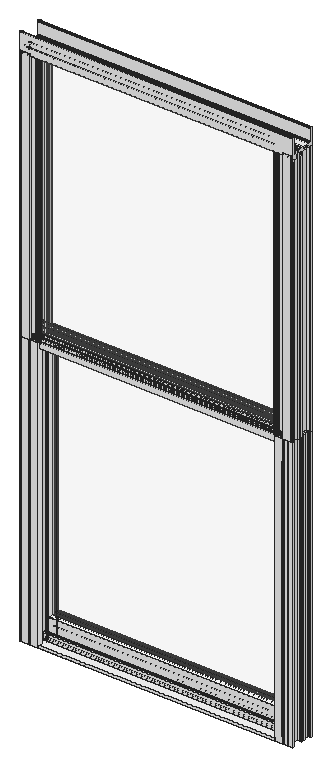
Revit family "Window_H650_Single-Hung-12-lb_Quaker", category Windows, host Wall, Revit 2026 (continued)
Definition of nested family "H650 Single Hung 12 lb-Window"
  Forms (in)
    Sweep 5, solid, material <- "Mullion"
      profile origin (0.00008, 0, 0) x (0, 0, 1) y (0, -1, 0)
        loop
          arc (2.16159, -1.63278) -> (2.12656, -1.59017) -> (2.08396, -1.62521) r 0.039
          arc (2.08396, -1.62521) -> (1.96139, -1.66913) -> (2.00531, -1.54656) r 0.072
          arc (2.00531, -1.54656) -> (2.04034, -1.50396) -> (1.99774, -1.46892) r 0.039
          arc (1.99774, -1.46892) -> (1.9012, -1.51743) -> (1.8623, -1.61822) r 0.15
          line (1.8623, -1.61822) -> (1.8623, -1.7462)
          arc (1.8623, -1.7462) -> (1.84472, -1.78862) -> (1.8023, -1.8062) r 0.06
          line (1.8023, -1.8062) -> (1.7063, -1.8062)
          arc (1.7063, -1.8062) -> (1.66387, -1.78862) -> (1.6463, -1.7462) r 0.06
          line (1.6463, -1.7462) -> (1.6463, -1.39615)
          arc (1.6463, -1.39615) -> (1.65508, -1.37494) -> (1.6763, -1.36615) r 0.03
          line (1.6763, -1.36615) -> (1.8163, -1.36615)
          arc (1.8163, -1.36615) -> (1.86307, -1.34373) -> (1.87489, -1.29322) r 0.06
          line (1.87489, -1.29322) -> (1.56337, -1.29322) -> (1.56337, -1.94323) -> (3.23195, -1.94323)
          arc (3.23195, -1.94323) -> (3.34003, -2.00543) -> (3.34054, -2.13013) r 0.125
          arc (3.34054, -2.13013) -> (3.32961, -2.15528) -> (3.32433, -2.18218) r 0.127
          line (3.32433, -2.18218) -> (3.37464, -2.18218)
          arc (3.37464, -2.18218) -> (3.50903, -2.14257) -> (3.45087, -2.27003) r 0.077
          line (3.45087, -2.27003) -> (3.45087, -2.32624) -> (3.49287, -2.32624) -> (3.49287, -2.93735) -> (3.1132, -2.93735) -> (3.1132, -3.06235) -> (3.61787, -3.06235) -> (3.61787, -1.90319) -> (3.39987, -1.90319) -> (3.39987, -1.77319) -> (3.61787, -1.77319) -> (3.61787, -1.29322)
        loop
          line (0.78781, -0.33318) -> (0.5, 2.01083) -> (0, 2.01083) -> (0, 1.21558) -> (0.125, 1.21558) -> (0.125, 1.86783) -> (0.062, 1.86783) -> (0.062, 1.94883) -> (0.23252, 1.94883) -> (0.29552, 1.88583) -> (0.4463, 1.88583) -> (0.4463, 1.49148)
          arc (0.4463, 1.49148) -> (0.4722, 1.45618) -> (0.48433, 1.41411) r 0.125
          line (0.48433, 1.41411) -> (0.67568, -0.40648) -> (0.67586, -0.58675) -> (0.75584, -0.58675) -> (0.75584, -0.42318) -> (0.97876, -0.42318) -> (0.99084, -0.49172) -> (0.99084, -0.58675) -> (1.04584, -0.58675) -> (1.04584, -0.4869) -> (1.03461, -0.42318) -> (1.2072, -0.42318) -> (1.21841, -0.48675) -> (1.26841, -0.48675) -> (1.26841, -0.33318) -> (0.78781, -0.33318)
        loop
          line (1.3651, -1.97417) -> (1.26841, -1.18675) -> (1.21841, -1.18675) -> (1.2072, -1.25032) -> (1.03461, -1.25032) -> (1.04584, -1.1866) -> (1.04584, -1.08675) -> (0.99084, -1.08675) -> (0.99084, -1.18179) -> (0.97876, -1.25032) -> (0.75584, -1.25032) -> (0.75584, -1.08675) -> (0.67584, -1.08675) -> (0.67584, -1.34032) -> (1.17975, -1.34032) -> (1.17975, -1.98917) -> (0.29552, -1.98917) -> (0.23252, -2.05217) -> (0.062, -2.05217) -> (0.062, -1.97117) -> (0.125, -1.97117) -> (0.125, -1.90917) -> (0.012, -1.90917) -> (0.012, -2.11417) -> (2.51129, -2.11417) -> (2.59812, -2.05357) -> (2.74488, -2.05154) -> (2.74488, -2.11417) -> (3.13754, -2.11417) -> (3.19606, -2.05564)
          arc (3.19606, -2.05564) -> (3.18948, -2.00017) -> (3.14004, -1.97417) r 0.06
          line (3.14004, -1.97417) -> (3.07713, -1.97417)
          arc (3.07713, -1.97417) -> (3.05713, -1.99417) -> (3.07713, -2.01417) r 0.02
          line (3.07713, -2.01417) -> (3.11645, -2.01417)
          arc (3.11645, -2.01417) -> (3.14145, -2.03917) -> (3.11645, -2.06417) r 0.025
          line (3.11645, -2.06417) -> (2.82589, -2.06417)
          arc (2.82589, -2.06417) -> (2.80089, -2.03917) -> (2.82589, -2.01417) r 0.025
          line (2.82589, -2.01417) -> (2.86349, -2.01417)
          arc (2.86349, -2.01417) -> (2.88349, -1.99417) -> (2.86349, -1.97417) r 0.02
          line (2.86349, -1.97417) -> (1.3651, -1.97417)
        loop
          arc (3.40971, -2.24455) -> (3.50997, -2.1584) -> (3.38526, -2.20223) r 0.06725
          line (3.38526, -2.20223) -> (3.28327, -2.18499) -> (3.07712, -2.26161) -> (2.6853, -2.1954) -> (2.73152, -2.09454)
          arc (2.73152, -2.09454) -> (2.72661, -2.07308) -> (2.70461, -2.07227) r 0.01808
          line (2.70461, -2.07227) -> (2.61304, -2.13737)
          arc (2.61304, -2.13737) -> (2.58101, -2.22149) -> (2.64647, -2.28326) r 0.081
          line (2.64647, -2.28326) -> (3.17362, -2.37234) -> (3.19274, -2.69352)
          arc (3.19274, -2.69352) -> (3.13572, -2.85668) -> (3.29126, -2.78132) r 0.0935
          line (3.29126, -2.78132) -> (3.28363, -2.65324) -> (3.34052, -2.61601)
          arc (3.34052, -2.61601) -> (3.34558, -2.59179) -> (3.32135, -2.58673) r 0.0175
          line (3.32135, -2.58673) -> (3.28123, -2.61298) -> (3.26813, -2.39287) -> (3.31429, -2.41577)
          arc (3.31429, -2.41577) -> (3.33775, -2.40787) -> (3.32984, -2.38442) r 0.0175
          line (3.32984, -2.38442) -> (3.26573, -2.35261) -> (3.26114, -2.27557) -> (3.40049, -2.29912) -> (3.40971, -2.24455)
    Sweep 6, solid, material <- "Mullion"
      path origin (0, 0, 0) x (1, 0, 0) y (0, 0, 1)
        loop
          line (-24, 48) -> (-24, 0)
      profile origin (-24, 0, 24) x (0, -1, 0) y (1, 0, 0)
        loop
          line (-1.48761, 0.4045) -> (-0.80007, 0.4045) -> (-0.80007, 0.10938) -> (-0.62645, 0.10938) -> (-0.62645, 0.18938) -> (-0.72007, 0.18938) -> (-0.72007, 0.4745) -> (-0.59507, 0.4745) -> (-0.59507, 0.5295) -> (-1.9951, 0.5295) -> (-1.99521, 1.75016) -> (-2.1202, 1.75016) -> (-2.1202, 0.00016) -> (-1.9152, 0.00016) -> (-1.9152, 0.12516) -> (-1.9772, 0.12516) -> (-1.9772, 0.06216) -> (-2.0582, 0.06216) -> (-2.0582, 0.23288) -> (-1.99512, 0.29597) -> (-1.99512, 0.4045) -> (-1.84263, 0.4045)
          arc (-1.84263, 0.4045) -> (-1.80444, 0.39147) -> (-1.78217, 0.35783) r 0.0625
          arc (-1.78217, 0.35783) -> (-1.66512, 0.2675) -> (-1.54807, 0.35783) r 0.121
          arc (-1.54807, 0.35783) -> (-1.52579, 0.39147) -> (-1.48761, 0.4045) r 0.0625
        loop
          line (-0.57302, 3.33442) -> (-0.27018, 3.15958) -> (-0.27018, 2.33949) -> (-0.76159, 2.33949) -> (-0.76159, 2.25949) -> (-0.28514, 2.25949) -> (-0.28523, 1.25016) -> (-0.14518, 1.25016) -> (-0.14518, 2.55073) -> (-0.14518, 3.18202) -> (-0.68802, 3.49543) -> (-0.68802, 2.87516) -> (-0.76159, 2.87516) -> (-0.76159, 2.80516) -> (-0.66802, 2.80516) -> (-0.66802, 2.70016) -> (-0.61802, 2.70016) -> (-0.61802, 3.30844)
          arc (-0.61802, 3.30844) -> (-0.60302, 3.33442) -> (-0.57302, 3.33442) r 0.03
        loop
          line (0.4948, 0.95798) -> (0.4948, 1.03798) -> (0.39372, 1.03798) -> (0.39372, 1.2609) -> (0.46226, 1.27298) -> (0.5573, 1.27298) -> (0.5573, 1.32798) -> (0.45745, 1.32798) -> (0.39372, 1.31675) -> (0.39372, 1.48934) -> (0.4573, 1.50055) -> (0.4573, 1.57874) -> (0.11255, 1.57874) -> (0.11255, 1.67673) -> (0.23642, 1.67673) -> (0.23642, 1.73453) -> (-0.09516, 1.73455) -> (-0.09516, 0.5295) -> (-0.22016, 0.5295) -> (-0.22016, 0.4745) -> (-0.09516, 0.4745) -> (-0.09516, 0.18938) -> (-0.18878, 0.18938) -> (-0.18878, 0.10938) -> (0.00484, 0.10938) -> (0.00484, 0.95798) -> (0.4948, 0.95798)
        loop
          line (1.15837, 1.03798) -> (0.99478, 1.03798) -> (0.99478, 0.95798) -> (1.8798, 0.95798) -> (1.8798, 0.29588) -> (1.9428, 0.23288) -> (1.9428, 0.06216) -> (1.8618, 0.06216) -> (1.8618, 0.12516) -> (1.7998, 0.12516) -> (1.7998, 0.00016) -> (2.0048, 0.00016) -> (2.0048, 1.73844) -> (1.88289, 1.73844) -> (1.88289, 1.68454) -> (1.9298, 1.68454) -> (1.9298, 1.57874) -> (1.0948, 1.57874) -> (1.0948, 1.50055) -> (1.15837, 1.48934) -> (1.15837, 1.31675) -> (1.09464, 1.32798) -> (0.9948, 1.32798) -> (0.9948, 1.27298) -> (1.08983, 1.27298) -> (1.15837, 1.2609) -> (1.15837, 1.03798)
        loop
          line (2.00503, 3.18202) -> (1.46219, 3.49543) -> (1.46219, 2.87516) -> (1.39966, 2.87516) -> (1.39966, 2.79697) -> (1.46324, 2.78576) -> (1.46324, 2.61317) -> (1.39951, 2.6244) -> (1.29966, 2.6244) -> (1.29966, 2.5694) -> (1.3947, 2.5694) -> (1.46324, 2.55732) -> (1.46324, 2.13464) -> (1.29966, 2.13464) -> (1.29966, 2.07964) -> (1.46324, 2.07964) -> (1.46324, 1.67374) -> (1.33091, 1.67374) -> (1.33091, 1.60936) -> (1.86107, 1.60936) -> (1.86107, 1.76297) -> (2.00503, 1.76297) -> (2.00503, 3.18202)
        loop
          line (0.69859, 1.67374) -> (0.69859, 2.07964) -> (0.86216, 2.07964) -> (0.86216, 2.13464) -> (0.69859, 2.13464) -> (0.69859, 2.55732) -> (0.76713, 2.5694) -> (0.86216, 2.5694) -> (0.86216, 2.6244) -> (0.76232, 2.6244) -> (0.69859, 2.61317) -> (0.69859, 2.78576) -> (0.76216, 2.79697) -> (0.76216, 2.87516) -> (0.38383, 2.87516) -> (0.38383, 2.65716) -> (0.27383, 2.65716) -> (0.27383, 2.87516) -> (0.21379, 2.87516) -> (0.21379, 2.55074) -> (0.21379, 1.76101) -> (0.25433, 1.76101) -> (0.25433, 1.65374) -> (0.13353, 1.65374) -> (0.13353, 1.60155) -> (0.83091, 1.60155) -> (0.83091, 1.67374) -> (0.69859, 1.67374)
        loop
          line (-1.26159, 2.33949) -> (-1.82018, 2.33949) -> (-1.82018, 2.58716) -> (-1.70514, 2.58716) -> (-1.70514, 2.80516) -> (-1.41803, 2.80516) -> (-1.41803, 2.70016) -> (-1.36803, 2.70016) -> (-1.36803, 2.80516) -> (-1.26159, 2.80516) -> (-1.26159, 2.87516) -> (-1.77514, 2.87516) -> (-1.77514, 2.65716) -> (-1.88514, 2.65716) -> (-1.88514, 2.87516) -> (-1.94518, 2.87516) -> (-1.94518, 2.55073) -> (-1.94518, 1.25016) -> (-1.80523, 1.25016) -> (-1.80514, 2.25949) -> (-1.26159, 2.25949) -> (-1.26159, 2.33949)
        loop
          arc (-1.72291, 3.44472) -> (-1.74912, 3.47093) -> (-1.77533, 3.44472) r 0.02621
          line (-1.77533, 3.44472) -> (-1.77533, 3.24561)
          arc (-1.77533, 3.24561) -> (-1.74912, 3.2194) -> (-1.72291, 3.24561) r 0.02621
          line (-1.72291, 3.24561) -> (-1.72291, 3.44472)
        loop
          arc (-1.80033, 3.24561) -> (-1.74912, 3.1944) -> (-1.69791, 3.24561) r 0.05121
          line (-1.69791, 3.24561) -> (-1.69791, 3.44472)
          arc (-1.69791, 3.44472) -> (-1.74912, 3.49593) -> (-1.80033, 3.44472) r 0.05121
          line (-1.80033, 3.44472) -> (-1.80033, 3.37016) -> (-1.85518, 3.37016) -> (-1.85518, 3.42366)
          arc (-1.85518, 3.42366) -> (-1.87018, 3.43866) -> (-1.88518, 3.42366) r 0.015
          line (-1.88518, 3.42366) -> (-1.88518, 3.26666)
          arc (-1.88518, 3.26666) -> (-1.87018, 3.25166) -> (-1.85518, 3.26666) r 0.015
          line (-1.85518, 3.26666) -> (-1.85518, 3.32016) -> (-1.80033, 3.32016) -> (-1.80033, 3.24561)
        loop
          arc (0.43112, 3.44472) -> (0.40491, 3.47093) -> (0.3787, 3.44472) r 0.02621
          line (0.3787, 3.44472) -> (0.3787, 3.24561)
          arc (0.3787, 3.24561) -> (0.40491, 3.2194) -> (0.43112, 3.24561) r 0.02621
          line (0.43112, 3.24561) -> (0.43112, 3.44472)
        loop
          arc (0.3537, 3.24561) -> (0.40491, 3.1944) -> (0.45612, 3.24561) r 0.05121
          line (0.45612, 3.24561) -> (0.45612, 3.44472)
          arc (0.45612, 3.44472) -> (0.40491, 3.49593) -> (0.3537, 3.44472) r 0.05121
          line (0.3537, 3.44472) -> (0.3537, 3.37016) -> (0.30275, 3.37016) -> (0.30275, 3.42366)
          arc (0.30275, 3.42366) -> (0.28775, 3.43866) -> (0.27275, 3.42366) r 0.015
          line (0.27275, 3.42366) -> (0.27275, 3.26666)
          arc (0.27275, 3.26666) -> (0.28775, 3.25166) -> (0.30275, 3.26666) r 0.015
          line (0.30275, 3.26666) -> (0.30275, 3.32016) -> (0.3537, 3.32016) -> (0.3537, 3.24561)
        loop
          line (-0.70768, 2.8986) -> (-0.70768, 3.00016) -> (-1.77018, 3.00016) -> (-1.77018, 2.8986) -> (-0.70768, 2.8986)
        loop
          line (1.44253, 2.90251) -> (1.44253, 3.00016) -> (0.38003, 3.00016) -> (0.38003, 2.90251) -> (1.44253, 2.90251)
        loop
          line (0.21379, 2.88877) -> (0.29357, 2.88877) -> (0.29357, 2.75664) -> (0.33087, 2.69203) -> (0.37267, 2.71616) -> (0.34169, 2.76983) -> (0.34169, 2.92575) -> (0.26328, 2.92575) -> (0.26328, 3.1888) -> (0.34539, 3.1888) -> (0.34539, 3.28192) -> (0.31373, 3.28192) -> (0.31373, 3.24069) -> (0.26328, 3.24069) -> (0.26328, 3.44959) -> (0.31373, 3.44959) -> (0.31373, 3.40782) -> (0.34539, 3.40782) -> (0.34539, 3.50018) -> (0.21379, 3.50018) -> (0.21379, 2.88877)
        loop
          line (-1.94518, 2.88876) -> (-1.86345, 2.88876) -> (-1.86345, 2.75325) -> (-1.8281, 2.69202) -> (-1.7863, 2.71616) -> (-1.81533, 2.76644) -> (-1.81533, 2.92575) -> (-1.8957, 2.92575) -> (-1.8957, 3.1888) -> (-1.81358, 3.1888) -> (-1.81358, 3.28191) -> (-1.84524, 3.28191) -> (-1.84524, 3.24069) -> (-1.8957, 3.24069) -> (-1.8957, 3.44958) -> (-1.84524, 3.44958) -> (-1.84524, 3.40782) -> (-1.81358, 3.40782) -> (-1.81358, 3.50017) -> (-1.94518, 3.50017) -> (-1.94518, 2.88876)
    Sweep 7, solid, material <- "Mullion"
      path origin (0, 0, 0) x (1, 0, 0) y (0, 0, 1)
        loop
          line (24, 48) -> (24, 0)
      profile origin (24, 0, 24) x (0, -1, 0) y (1, 0, 0)
        loop
          arc (-1.48761, -0.40433) -> (-1.52579, -0.39131) -> (-1.54807, -0.35767) r 0.0625
          arc (-1.54807, -0.35767) -> (-1.66512, -0.26733) -> (-1.78217, -0.35767) r 0.121
          arc (-1.78217, -0.35767) -> (-1.80444, -0.39131) -> (-1.84263, -0.40433) r 0.0625
          line (-1.84263, -0.40433) -> (-1.99512, -0.40433) -> (-1.99512, -0.2958) -> (-2.0582, -0.23272) -> (-2.0582, -0.062) -> (-1.9772, -0.062) -> (-1.9772, -0.125) -> (-1.9152, -0.125) -> (-1.9152, 0) -> (-2.1202, 0) -> (-2.1202, -1.75) -> (-2.01083, -1.75) -> (-2.01073, -0.52933) -> (-0.59507, -0.52933) -> (-0.59507, -0.47433) -> (-0.72007, -0.47433) -> (-0.72007, -0.18921) -> (-0.62645, -0.18921) -> (-0.62645, -0.10921) -> (-0.80007, -0.10921) -> (-0.80007, -0.40433) -> (-1.48761, -0.40433)
        loop
          arc (-0.57302, -3.33426) -> (-0.60302, -3.33426) -> (-0.61802, -3.30828) r 0.03
          line (-0.61802, -3.30828) -> (-0.61802, -2.69999) -> (-0.66802, -2.69999) -> (-0.66802, -2.80499) -> (-0.76159, -2.80499) -> (-0.76159, -2.87499) -> (-0.68802, -2.875) -> (-0.68802, -3.49526) -> (-0.14518, -3.18186) -> (-0.14518, -2.55057) -> (-0.14518, -1.24999) -> (-0.28523, -1.24999) -> (-0.28514, -2.25932) -> (-0.76159, -2.25932) -> (-0.76159, -2.33932) -> (-0.27018, -2.33932) -> (-0.27018, -3.15942) -> (-0.57302, -3.33426)
        loop
          line (0.4948, -0.95782) -> (0.00484, -0.95782) -> (0.00484, -0.10921) -> (-0.18878, -0.10921) -> (-0.18878, -0.18921) -> (-0.09516, -0.18921) -> (-0.09516, -0.47433) -> (-0.22016, -0.47433) -> (-0.22016, -0.52933) -> (-0.09516, -0.52933) -> (-0.09516, -1.73438) -> (0.23642, -1.73437) -> (0.23642, -1.67657) -> (0.11255, -1.67657) -> (0.11255, -1.57858) -> (0.4573, -1.57858) -> (0.4573, -1.50039) -> (0.39372, -1.48918) -> (0.39372, -1.31658) -> (0.45745, -1.32782) -> (0.5573, -1.32782) -> (0.5573, -1.27282) -> (0.46226, -1.27282) -> (0.39372, -1.26074) -> (0.39372, -1.03782) -> (0.4948, -1.03782) -> (0.4948, -0.95782)
        loop
          line (1.15837, -1.03782) -> (1.15837, -1.26074) -> (1.08983, -1.27282) -> (0.9948, -1.27282) -> (0.9948, -1.32782) -> (1.09464, -1.32782) -> (1.15837, -1.31658) -> (1.15837, -1.48918) -> (1.0948, -1.50039) -> (1.0948, -1.57858) -> (1.9298, -1.57858) -> (1.9298, -1.68437) -> (1.88289, -1.68437) -> (1.88289, -1.73828) -> (2.0048, -1.73828) -> (2.0048, 0) -> (1.7998, 0) -> (1.7998, -0.125) -> (1.8618, -0.125) -> (1.8618, -0.062) -> (1.9428, -0.062) -> (1.9428, -0.23272) -> (1.8798, -0.29572) -> (1.8798, -0.95782) -> (0.99478, -0.95782) -> (0.99478, -1.03782) -> (1.15837, -1.03782)
        loop
          line (2.00503, -3.18186) -> (2.00503, -1.7628) -> (1.86107, -1.7628) -> (1.86107, -1.6092) -> (1.33091, -1.6092) -> (1.33091, -1.67358) -> (1.46324, -1.67358) -> (1.46324, -2.07947) -> (1.29966, -2.07947) -> (1.29966, -2.13447) -> (1.46324, -2.13447) -> (1.46324, -2.55716) -> (1.3947, -2.56924) -> (1.29966, -2.56924) -> (1.29966, -2.62424) -> (1.39951, -2.62424) -> (1.46324, -2.613) -> (1.46324, -2.7856) -> (1.39966, -2.79681) -> (1.39966, -2.875) -> (1.46219, -2.875) -> (1.46219, -3.49527) -> (2.00503, -3.18186)
        loop
          line (0.69859, -1.67358) -> (0.83091, -1.67358) -> (0.83091, -1.60139) -> (0.13353, -1.60139) -> (0.13353, -1.65358) -> (0.25433, -1.65358) -> (0.25433, -1.76085) -> (0.21379, -1.76085) -> (0.21379, -2.55057) -> (0.21379, -2.875) -> (0.27383, -2.875) -> (0.27383, -2.657) -> (0.38383, -2.657) -> (0.38383, -2.875) -> (0.76216, -2.875) -> (0.76216, -2.79681) -> (0.69859, -2.7856) -> (0.69859, -2.613) -> (0.76232, -2.62424) -> (0.86216, -2.62424) -> (0.86216, -2.56924) -> (0.76713, -2.56924) -> (0.69859, -2.55716) -> (0.69859, -2.13447) -> (0.86216, -2.13447) -> (0.86216, -2.07947) -> (0.69859, -2.07947) -> (0.69859, -1.67358)
        loop
          line (-1.26159, -2.33932) -> (-1.26159, -2.25932) -> (-1.80514, -2.25932) -> (-1.80523, -1.24999) -> (-1.94518, -1.24999) -> (-1.94518, -2.55057) -> (-1.94518, -2.875) -> (-1.88514, -2.875) -> (-1.88514, -2.65699) -> (-1.77514, -2.65699) -> (-1.77514, -2.87499) -> (-1.26159, -2.87499) -> (-1.26159, -2.80499) -> (-1.36803, -2.80499) -> (-1.36803, -2.69999) -> (-1.41803, -2.69999) -> (-1.41803, -2.80499) -> (-1.70514, -2.80499) -> (-1.70514, -2.58699) -> (-1.82018, -2.58699) -> (-1.82018, -2.33932) -> (-1.26159, -2.33932)
        loop
          line (-1.72291, -3.44456) -> (-1.72291, -3.24544)
          arc (-1.72291, -3.24544) -> (-1.74912, -3.21923) -> (-1.77533, -3.24544) r 0.02621
          line (-1.77533, -3.24544) -> (-1.77533, -3.44456)
          arc (-1.77533, -3.44456) -> (-1.74912, -3.47077) -> (-1.72291, -3.44456) r 0.02621
        loop
          line (-1.80033, -3.24544) -> (-1.80033, -3.32) -> (-1.85518, -3.32) -> (-1.85518, -3.2665)
          arc (-1.85518, -3.2665) -> (-1.87018, -3.2515) -> (-1.88518, -3.2665) r 0.015
          line (-1.88518, -3.2665) -> (-1.88518, -3.4235)
          arc (-1.88518, -3.4235) -> (-1.87018, -3.4385) -> (-1.85518, -3.4235) r 0.015
          line (-1.85518, -3.4235) -> (-1.85518, -3.37) -> (-1.80033, -3.37) -> (-1.80033, -3.44456)
          arc (-1.80033, -3.44456) -> (-1.74912, -3.49577) -> (-1.69791, -3.44456) r 0.05121
          line (-1.69791, -3.44456) -> (-1.69791, -3.24544)
          arc (-1.69791, -3.24544) -> (-1.74912, -3.19423) -> (-1.80033, -3.24544) r 0.05121
        loop
          line (0.43112, -3.44456) -> (0.43112, -3.24544)
          arc (0.43112, -3.24544) -> (0.40491, -3.21923) -> (0.3787, -3.24544) r 0.02621
          line (0.3787, -3.24544) -> (0.3787, -3.44456)
          arc (0.3787, -3.44456) -> (0.40491, -3.47077) -> (0.43112, -3.44456) r 0.02621
        loop
          line (0.3537, -3.24544) -> (0.3537, -3.32) -> (0.30275, -3.32) -> (0.30275, -3.2665)
          arc (0.30275, -3.2665) -> (0.28775, -3.2515) -> (0.27275, -3.2665) r 0.015
          line (0.27275, -3.2665) -> (0.27275, -3.4235)
          arc (0.27275, -3.4235) -> (0.28775, -3.4385) -> (0.30275, -3.4235) r 0.015
          line (0.30275, -3.4235) -> (0.30275, -3.37) -> (0.3537, -3.37) -> (0.3537, -3.44456)
          arc (0.3537, -3.44456) -> (0.40491, -3.49577) -> (0.45612, -3.44456) r 0.05121
          line (0.45612, -3.44456) -> (0.45612, -3.24544)
          arc (0.45612, -3.24544) -> (0.40491, -3.19423) -> (0.3537, -3.24544) r 0.05121
        loop
          line (-0.70768, -2.89844) -> (-1.77018, -2.89844) -> (-1.77018, -3) -> (-0.70768, -3) -> (-0.70768, -2.89844)
        loop
          line (1.44253, -2.90234) -> (0.38003, -2.90234) -> (0.38003, -3) -> (1.44253, -3) -> (1.44253, -2.90234)
        loop
          line (0.21379, -2.88861) -> (0.21379, -3.50001) -> (0.34539, -3.50001) -> (0.34539, -3.40766) -> (0.31373, -3.40766) -> (0.31373, -3.44942) -> (0.26328, -3.44942) -> (0.26328, -3.24053) -> (0.31373, -3.24053) -> (0.31373, -3.28175) -> (0.34539, -3.28175) -> (0.34539, -3.18864) -> (0.26328, -3.18864) -> (0.26328, -2.92559) -> (0.34169, -2.92559) -> (0.34169, -2.76967) -> (0.37267, -2.716) -> (0.33087, -2.69187) -> (0.29357, -2.75648) -> (0.29357, -2.88861) -> (0.21379, -2.88861)
        loop
          line (-1.94518, -2.8886) -> (-1.94518, -3.50001) -> (-1.81358, -3.50001) -> (-1.81358, -3.40765) -> (-1.84524, -3.40765) -> (-1.84524, -3.44942) -> (-1.8957, -3.44942) -> (-1.8957, -3.24052) -> (-1.84524, -3.24052) -> (-1.84524, -3.28175) -> (-1.81358, -3.28175) -> (-1.81358, -3.18863) -> (-1.8957, -3.18863) -> (-1.8957, -2.92558) -> (-1.81533, -2.92558) -> (-1.81533, -2.76628) -> (-1.7863, -2.71599) -> (-1.8281, -2.69186) -> (-1.86345, -2.75309) -> (-1.86345, -2.8886) -> (-1.94518, -2.8886)
    Extrusion 8, solid, material <- "Glass"
      sketch origin (0, 0, 0) x (1, 0, 0) y (0, 0, 1)
        loop
          line (21.12484, 93.12482) -> (-21.12484, 93.12482) -> (-21.12484, 49.33577) -> (21.12484, 49.33577) -> (21.12484, 93.12482)
      from 0.5 to 1.44222
    Extrusion 9, solid, material <- "Glass"
      sketch origin (0, 0, 0) x (1, 0, 0) y (0, 0, 1)
        loop
          line (-20.99984, 47.12503) -> (-20.99984, 3.93321) -> (20.75947, 3.93321) -> (20.75947, 47.12503) -> (-20.99984, 47.12503)
      from -1.69827 to -0.68606
  Dimensions and locks (in)
    "Height": plane 4 to level
    equal spacing: plane 6, plane 3 "Center (Left/Right)", plane 5
    "Width": plane 6 to plane 5
    equal spacing: plane 7, plane 1 "Center (Front/Back)", plane 8
    plane 7 to plane 8 = 0' - 1"
    equal spacing: plane 4, plane 9, level
    locked: plane 4 to plane 13 at 2.87518
    locked: plane 14 to plane 5 at 3.18202
    locked: plane 6 to plane 15 at 3.18186
    locked: plane 16 to plane 5 at 1.75016
    locked: plane 17 to plane 6 at 1.75016
    locked: plane 8 to plane 18 at 0.94222
    plane 19 to plane 20 to plane 7 = 0' - 1.0122" locked, 0' - 0.18606" locked
    aligned and locked: plane 2 to level
    aligned and locked: Sweep 1 sketch curve to plane 5
    aligned and locked: plane 9 to Sweep 1 sketch curve
    aligned and locked: Sweep 2 sketch curve to plane 6
    aligned and locked: plane 9 to Sweep 2 sketch curve
    aligned and locked: Sweep 3 sketch curve to plane 4
    aligned and locked: Sweep 4 sketch curve to plane 9
    aligned and locked: Sweep 5 sketch curve to plane 2
    aligned and locked: Sweep 6 sketch curve to plane 5
    aligned and locked: plane 9 to Sweep 6 sketch curve
    aligned and locked: plane 2 to Sweep 6 sketch curve
    aligned and locked: Sweep 7 sketch curve to plane 6
    aligned and locked: plane 9 to Sweep 7 sketch curve
    aligned and locked: plane 2 to Sweep 7 sketch curve
    aligned and locked: plane 5 to Sweep 3 sketch curve
    aligned and locked: plane 6 to Sweep 3 sketch curve
    aligned and locked: plane 12 to Sweep 1 sketch curve
    aligned and locked: plane 13 to Sweep 2 sketch curve
    aligned and locked: plane 14 to Sweep 5 sketch curve
    aligned and locked: plane 15 to Sweep 5 sketch curve
    aligned and locked: plane 16 to Sweep 4 sketch curve
    aligned and locked: plane 17 to Sweep 4 sketch curve
    aligned and locked: plane 13 to plane 12
    aligned and locked: Extrusion 8 sketch curve to plane 13
    aligned and locked: Sweep 1 to Extrusion 8 sketch curve
    aligned and locked: Extrusion 8 sketch curve to Sweep 2
    aligned and locked: Sweep 4 to Extrusion 8 sketch curve
    aligned and locked: Sweep 4 to Extrusion 9 sketch curve
    aligned and locked: Sweep 6 to Extrusion 9 sketch curve
    aligned and locked: Sweep 7 to Extrusion 9 sketch curve
    aligned and locked: Extrusion 9 sketch curve to Sweep 5
    aligned and locked: Extrusion 8 to plane 8
    aligned and locked: Extrusion 8 to plane 18
    aligned and locked: Extrusion 9 to plane 19
    aligned and locked: plane 20 to Extrusion 9
  Automatic sketch dimensions
    Sweep 6 sketch curve to Sweep 6 sketch curve = 0' - 0"  (x28)
    Sweep 6 sketch curve to plane 1 "Center (Front/Back)" = 0' - 2.1202"
    Sweep 6 sketch curve to Sweep 6 sketch curve = 0' - 0.062"  (x6)
    Sweep 6 sketch curve to Sweep 6 sketch curve = 0' - 0 1/8"  (x3)
    Sweep 6 sketch curve to Sweep 6 sketch curve = 0' - 0.06309"  (x2)
    Sweep 6 sketch curve to Sweep 6 sketch curve = 0' - 0.081"
    Sweep 6 sketch curve to Sweep 6 sketch curve = 0' - 0.05002"
    Sweep 6 sketch curve to Sweep 6 sketch curve = 0' - 0.04949"  (x3)
    Sweep 6 sketch curve to Sweep 6 sketch curve = 0' - 0.01051"
    Sweep 6 sketch curve to Sweep 6 sketch curve = 0' - 0.01055"
    Sweep 6 sketch curve to Sweep 6 sketch curve = 0' - 0.02169"
    Sweep 6 sketch curve to Sweep 6 sketch curve = 0' - 0.015"  (x5)
    Sweep 6 sketch curve to Sweep 6 sketch curve = 0' - 0.00994"  (x2)
    Sweep 6 sketch curve to Sweep 6 sketch curve = 0' - 0.15249"
    Sweep 6 sketch curve to Sweep 6 sketch curve = 0' - 0.04811"  (x2)
    Sweep 6 sketch curve to Sweep 6 sketch curve = 0' - 0.05704"  (x2)
    Sweep 6 sketch curve to Sweep 6 sketch curve = 0' - 0.06496"
    Sweep 6 sketch curve to Sweep 6 sketch curve = 0' - 0.03166"  (x4)
    Sweep 6 sketch curve to Sweep 6 sketch curve = 0' - 0.01326"
    Sweep 6 sketch curve to Sweep 6 sketch curve = 0' - 0.13996"
    Sweep 6 sketch curve to Sweep 6 sketch curve = 0' - 0.01505"
    Sweep 6 sketch curve to Sweep 6 sketch curve = 0' - 0.0418"  (x2)
    Sweep 6 sketch curve to Sweep 6 sketch curve = 0' - 0.025"  (x2)
    Sweep 6 sketch curve to Sweep 6 sketch curve = 0' - 0.04019"
    Sweep 6 sketch curve to Sweep 6 sketch curve = 0' - 0.04515"
    Sweep 6 sketch curve to Sweep 6 sketch curve = 0' - 0.02621"  (x2)
    Sweep 6 sketch curve to Sweep 6 sketch curve = 0' - 0.07"  (x6)
    Sweep 6 sketch curve to Sweep 6 sketch curve = 0' - 0.17751"  (x2)
    Sweep 6 sketch curve to Sweep 6 sketch curve = 0' - 0.28711"
    Sweep 6 sketch curve to Sweep 6 sketch curve = 0' - 0.05"  (x4)
    Sweep 6 sketch curve to Sweep 6 sketch curve = 0' - 0.10644"  (x2)
    Sweep 6 sketch curve to Sweep 6 sketch curve = 0' - 0.68753"
    Sweep 6 sketch curve to Sweep 6 sketch curve = 0' - 0 1/2"  (x3)
    Sweep 6 sketch curve to Sweep 6 sketch curve = 0' - 0.08"  (x7)
    Sweep 6 sketch curve to Sweep 6 sketch curve = 0' - 0.05391"  (x2)
    Sweep 6 sketch curve to Sweep 6 sketch curve = 0' - 0.01966"  (x2)
    Sweep 6 sketch curve to Sweep 6 sketch curve = 0' - 0.09357"
    Sweep 6 sketch curve to Sweep 6 sketch curve = 0' - 0.09362"
    Sweep 6 sketch curve to Sweep 6 sketch curve = 0' - 0.03"
    Sweep 6 sketch curve to Sweep 6 sketch curve = 0' - 0.30985"
    Sweep 6 sketch curve to Sweep 6 sketch curve = 0' - 0.47645"
    Sweep 6 sketch curve to Sweep 6 sketch curve = 0' - 0.01495"
    Sweep 6 sketch curve to Sweep 6 sketch curve = 0' - 0.37491"
    Sweep 6 sketch curve to Sweep 6 sketch curve = 0' - 0.03138"
    Sweep 6 sketch curve to Sweep 6 sketch curve = 0' - 0.14004"
    Sweep 6 sketch curve to Sweep 6 sketch curve = 0' - 0.15002"
    Sweep 6 sketch curve to Sweep 6 sketch curve = 0' - 0.20771"
    Sweep 6 sketch curve to Sweep 6 sketch curve = 0' - 0.02098"
    Sweep 6 sketch curve to Sweep 6 sketch curve = 0' - 0.35897"
    Sweep 6 sketch curve to Sweep 6 sketch curve = 0' - 0.02263"
    Sweep 6 sketch curve to Sweep 6 sketch curve = 0' - 0.01791"
    Sweep 6 sketch curve to Sweep 6 sketch curve = 0' - 0.00947"
    Sweep 6 sketch curve to Sweep 6 sketch curve = 0' - 0.06004"
    Sweep 6 sketch curve to Sweep 6 sketch curve = 0' - 0.01974"
    Sweep 6 sketch curve to Sweep 6 sketch curve = 0' - 0.01099"  (x2)
    Sweep 6 sketch curve to Sweep 6 sketch curve = 0' - 0.00831"
    Sweep 6 sketch curve to Sweep 6 sketch curve = 0' - 0.03834"
    Sweep 6 sketch curve to Sweep 6 sketch curve = 0' - 0.0038"
    Sweep 6 sketch curve to Sweep 6 sketch curve = 0' - 0.38889"
    Sweep 6 sketch curve to Sweep 6 sketch curve = 0' - 0.06357"  (x3)
    Sweep 6 sketch curve to Sweep 6 sketch curve = 0' - 0.06372"  (x3)
    Sweep 6 sketch curve to Sweep 6 sketch curve = 0' - 0.00481"  (x4)
    Sweep 6 sketch curve to Sweep 6 sketch curve = 0' - 0.10107"
    Sweep 6 sketch curve to Sweep 6 sketch curve = 0' - 0.09985"  (x2)
    Sweep 6 sketch curve to Sweep 6 sketch curve = 0' - 0.31476"
    Sweep 6 sketch curve to Sweep 6 sketch curve = 0' - 0.2413"
    Sweep 6 sketch curve to Sweep 6 sketch curve = 0' - 0.13232"
    Sweep 6 sketch curve to Sweep 6 sketch curve = 0' - 0.16357"
    Sweep 6 sketch curve to Sweep 6 sketch curve = 0' - 0 7/16"  (x2)
    Sweep 6 sketch curve to Sweep 6 sketch curve = 0' - 0.09504"  (x2)
    Sweep 6 sketch curve to Sweep 6 sketch curve = 0' - 0.00015"  (x2)
    Sweep 6 sketch curve to Sweep 6 sketch curve = 0' - 0.16358"
    Sweep 6 sketch curve to Sweep 6 sketch curve = 0' - 0.17255"
    Sweep 6 sketch curve to Sweep 6 sketch curve = 0' - 0.04286"
    Sweep 6 sketch curve to Sweep 6 sketch curve = 0' - 0.06853"
    Sweep 6 sketch curve to Sweep 6 sketch curve = 0' - 0.64143"
    Sweep 6 sketch curve to Sweep 6 sketch curve = 0' - 0.39784"
    Sweep 6 sketch curve to Sweep 6 sketch curve = 0' - 0.01872"
    Sweep 6 sketch curve to Sweep 6 sketch curve = 0' - 0.02182"
    Sweep 6 sketch curve to Sweep 6 sketch curve = 0' - 0.0469"
    Sweep 6 sketch curve to Sweep 6 sketch curve = 0' - 0.063"  (x4)
    Sweep 6 sketch curve to Sweep 6 sketch curve = 0' - 0 9/16"
    Sweep 6 sketch curve to profile plane = 0' - 0.00016"
    Sweep 6 sketch curve to Sweep 6 sketch curve = 0' - 0.10921"
    Sweep 6 sketch curve to Sweep 6 sketch curve = 0' - 0.10772"  (x2)
    Sweep 6 sketch curve to Sweep 6 sketch curve = 0' - 0.04603"
    Sweep 6 sketch curve to Sweep 6 sketch curve = 0' - 0.0465"
    Sweep 6 sketch curve to Sweep 6 sketch curve = 0' - 0.10853"
    Sweep 6 sketch curve to Sweep 6 sketch curve = 0' - 0.21512"
    Sweep 6 sketch curve to Sweep 6 sketch curve = 0' - 0.28512"
    Sweep 6 sketch curve to Sweep 6 sketch curve = 0' - 0.055"  (x8)
    Sweep 6 sketch curve to Sweep 6 sketch curve = 0' - 0.6621"
    Sweep 6 sketch curve to Sweep 6 sketch curve = 0' - 0.42849"
    Sweep 6 sketch curve to Sweep 6 sketch curve = 0' - 0.29217"
    Sweep 6 sketch curve to Sweep 6 sketch curve = 0' - 0.72066"
    Sweep 6 sketch curve to Sweep 6 sketch curve = 0' - 0.22292"  (x2)
    Sweep 6 sketch curve to Sweep 6 sketch curve = 0' - 0.01208"  (x4)
    Sweep 6 sketch curve to Sweep 6 sketch curve = 0' - 0.05585"  (x4)
    Sweep 6 sketch curve to Sweep 6 sketch curve = 0' - 0.1726"  (x4)
    Sweep 6 sketch curve to Sweep 6 sketch curve = 0' - 0.01121"  (x4)
    Sweep 6 sketch curve to Sweep 6 sketch curve = 0' - 0.07819"  (x3)
    Sweep 6 sketch curve to Sweep 6 sketch curve = 0' - 0.62076"
    Sweep 6 sketch curve to Sweep 6 sketch curve = 0' - 0.02281"
    Sweep 6 sketch curve to Sweep 6 sketch curve = 0' - 0.12002"
    Sweep 6 sketch curve to Sweep 6 sketch curve = 0' - 0.05219"
    Sweep 6 sketch curve to Sweep 6 sketch curve = 0' - 0.07219"
    Sweep 6 sketch curve to Sweep 6 sketch curve = 0' - 0.06438"
    Sweep 6 sketch curve to Sweep 6 sketch curve = 0' - 0.023"
    Sweep 6 sketch curve to Sweep 6 sketch curve = 0' - 0.07517"
    Sweep 6 sketch curve to Sweep 6 sketch curve = 0' - 0.0578"
    Sweep 6 sketch curve to Sweep 6 sketch curve = 0' - 0.05781"
    Sweep 6 sketch curve to Sweep 6 sketch curve = 0' - 0.02649"
    Sweep 6 sketch curve to Sweep 6 sketch curve = 0' - 0.02452"
    Sweep 6 sketch curve to Sweep 6 sketch curve = 0' - 0.4059"  (x2)
    Sweep 6 sketch curve to Sweep 6 sketch curve = 0' - 0.52494"
    Sweep 6 sketch curve to Sweep 6 sketch curve = 0' - 0.21125"  (x2)
    Sweep 6 sketch curve to Sweep 6 sketch curve = 0' - 0.42268"  (x2)
    Sweep 6 sketch curve to Sweep 6 sketch curve = 0' - 0.03643"
    Sweep 6 sketch curve to Sweep 6 sketch curve = 0' - 0.10643"
    Sweep 6 sketch curve to Sweep 6 sketch curve = 0' - 0.03487"  (x2)
    Sweep 6 sketch curve to Sweep 6 sketch curve = 0' - 0.36067"
    Sweep 6 sketch curve to Sweep 6 sketch curve = 0' - 0.113"
    Sweep 6 sketch curve to Sweep 6 sketch curve = 0' - 0.02413"  (x2)
    Sweep 6 sketch curve to Sweep 6 sketch curve = 0' - 0.105"  (x2)
    Sweep 6 sketch curve to Sweep 6 sketch curve = 0' - 0.1219"
    Sweep 6 sketch curve to Sweep 6 sketch curve = 0' - 0.11852"
    Sweep 6 sketch curve to Sweep 6 sketch curve = 0' - 0.01361"  (x2)
    Sweep 6 sketch curve to Sweep 6 sketch curve = 0' - 0 3/128"
    Sweep 6 sketch curve to Sweep 6 sketch curve = 0' - 0 7/256"
    Sweep 6 sketch curve to Sweep 6 sketch curve = 0' - 0.03698"  (x2)
    Sweep 6 sketch curve to Sweep 6 sketch curve = 0' - 0 25/256"
    Sweep 6 sketch curve to Sweep 6 sketch curve = 0' - 0 13/128"
    Sweep 6 sketch curve to Sweep 6 sketch curve = 0' - 0.15942"
    Sweep 6 sketch curve to Sweep 6 sketch curve = 0' - 0.02244"
    Sweep 6 sketch curve to Sweep 6 sketch curve = 0' - 0.18186"
    Sweep 6 sketch curve to Sweep 6 sketch curve = 0' - 0.18863"
    Sweep 6 sketch curve to Sweep 6 sketch curve = 0' - 0.18864"
    Sweep 6 sketch curve to Sweep 6 sketch curve = 0' - 0.05189"  (x2)
    Sweep 6 sketch curve to Sweep 6 sketch curve = 0' - 0.0568"
    Sweep 6 sketch curve to Sweep 6 sketch curve = 0' - 0.00492"
    Sweep 6 sketch curve to Sweep 6 sketch curve = 0' - 0.02597"
    Sweep 6 sketch curve to Sweep 6 sketch curve = 0' - 0.02598"
    Sweep 6 sketch curve to Sweep 6 sketch curve = 0' - 0.01525"  (x2)
    Sweep 6 sketch curve to Sweep 6 sketch curve = 0' - 0.30828"
    Sweep 6 sketch curve to Sweep 6 sketch curve = 0' - 0.03825"  (x2)
    Sweep 6 sketch curve to Sweep 6 sketch curve = 0' - 0.03765"
    Sweep 6 sketch curve to Sweep 6 sketch curve = 0' - 0.03766"
    Sweep 6 sketch curve to Sweep 6 sketch curve = 0' - 0.01584"  (x2)
    Sweep 6 sketch curve to Sweep 6 sketch curve = 0' - 0.0369"  (x2)
    Sweep 6 sketch curve to Sweep 6 sketch curve = 0' - 0.02592"  (x2)
    Sweep 6 sketch curve to Sweep 6 sketch curve = 0' - 0.161"
    Sweep 6 sketch curve to Sweep 6 sketch curve = 0' - 0.49527"
    Sweep 6 sketch curve to Sweep 6 sketch curve = 0' - 0.05059"
    Sweep 6 sketch curve to Sweep 6 sketch curve = 0' - 0.05546"
    Sweep 7 sketch curve to Sweep 7 sketch curve = 0' - 0"  (x24)
    Sweep 7 sketch curve to plane 1 "Center (Front/Back)" = 0' - 2.1202"
    Sweep 7 sketch curve to Sweep 7 sketch curve = 0' - 0.062"  (x5)
    Sweep 7 sketch curve to Sweep 7 sketch curve = 0' - 0 7/64"
    profile plane to Sweep 7 sketch curve = 0' - 0.52933"
    Sweep 7 sketch curve to Sweep 7 sketch curve = 0' - 0.04748"
    Sweep 7 sketch curve to Sweep 7 sketch curve = 0' - 0.06309"  (x2)
    Sweep 7 sketch curve to Sweep 7 sketch curve = 0' - 0.081"  (x2)
    Sweep 7 sketch curve to Sweep 7 sketch curve = 0' - 0.06565"
    Sweep 7 sketch curve to Sweep 7 sketch curve = 0' - 0.04949"  (x2)
    Sweep 7 sketch curve to Sweep 7 sketch curve = 0' - 0.01051"
    Sweep 7 sketch curve to Sweep 7 sketch curve = 0' - 0.01055"  (x2)
    Sweep 7 sketch curve to Sweep 7 sketch curve = 0' - 0.015"  (x5)
    Sweep 7 sketch curve to Sweep 7 sketch curve = 0' - 0.02169"
    Sweep 7 sketch curve to Sweep 7 sketch curve = 0' - 0.00994"  (x2)
    Sweep 7 sketch curve to Sweep 7 sketch curve = 0' - 0.15249"
    Sweep 7 sketch curve to Sweep 7 sketch curve = 0' - 0.05704"  (x2)
    Sweep 7 sketch curve to Sweep 7 sketch curve = 0' - 0.06496"
    Sweep 7 sketch curve to Sweep 7 sketch curve = 0' - 0.04811"  (x2)
    Sweep 7 sketch curve to Sweep 7 sketch curve = 0' - 0.03166"  (x4)
    Sweep 7 sketch curve to Sweep 7 sketch curve = 0' - 0.13996"
    Sweep 7 sketch curve to Sweep 7 sketch curve = 0' - 0.01505"
    Sweep 7 sketch curve to Sweep 7 sketch curve = 0' - 0.01326"
    Sweep 7 sketch curve to Sweep 7 sketch curve = 0' - 0.0418"  (x2)
    Sweep 7 sketch curve to Sweep 7 sketch curve = 0' - 0.025"  (x2)
    Sweep 7 sketch curve to Sweep 7 sketch curve = 0' - 0.01116"  (x2)
    Sweep 7 sketch curve to Sweep 7 sketch curve = 0' - 0.00496"
    Sweep 7 sketch curve to Sweep 7 sketch curve = 0' - 0.02621"  (x2)
    Sweep 7 sketch curve to Sweep 7 sketch curve = 0' - 0.07"  (x5)
    Sweep 7 sketch curve to Sweep 7 sketch curve = 0' - 0.17751"  (x2)
    Sweep 7 sketch curve to Sweep 7 sketch curve = 0' - 0.28711"
    Sweep 7 sketch curve to Sweep 7 sketch curve = 0' - 0.05"  (x4)
    Sweep 7 sketch curve to Sweep 7 sketch curve = 0' - 0.10644"  (x2)
    Sweep 7 sketch curve to Sweep 7 sketch curve = 0' - 0.68753"
    Sweep 7 sketch curve to Sweep 7 sketch curve = 0' - 0 1/2"  (x3)
    Sweep 7 sketch curve to Sweep 7 sketch curve = 0' - 0.08"  (x7)
    Sweep 7 sketch curve to Sweep 7 sketch curve = 0' - 0.05391"  (x2)
    Sweep 7 sketch curve to Sweep 7 sketch curve = 0' - 0.01966"  (x2)
    Sweep 7 sketch curve to Sweep 7 sketch curve = 0' - 0.09357"
    Sweep 7 sketch curve to Sweep 7 sketch curve = 0' - 0.09362"
    Sweep 7 sketch curve to Sweep 7 sketch curve = 0' - 0 1/8"  (x4)
    Sweep 7 sketch curve to Sweep 7 sketch curve = 0' - 0.03"
    Sweep 7 sketch curve to Sweep 7 sketch curve = 0' - 0.30985"
    Sweep 7 sketch curve to Sweep 7 sketch curve = 0' - 0.47645"
    Sweep 7 sketch curve to Sweep 7 sketch curve = 0' - 0.30284"
    Sweep 7 sketch curve to Sweep 7 sketch curve = 0' - 0.37491"
    Sweep 7 sketch curve to Sweep 7 sketch curve = 0' - 0.03138"
    Sweep 7 sketch curve to Sweep 7 sketch curve = 0' - 0.14004"
    Sweep 7 sketch curve to Sweep 7 sketch curve = 0' - 0.1"
    Sweep 7 sketch curve to Sweep 7 sketch curve = 0' - 0.20771"
    Sweep 7 sketch curve to Sweep 7 sketch curve = 0' - 0.02098"
    Sweep 7 sketch curve to Sweep 7 sketch curve = 0' - 0.35897"  (x2)
    Sweep 7 sketch curve to Sweep 7 sketch curve = 0' - 0.02263"
    Sweep 7 sketch curve to Sweep 7 sketch curve = 0' - 0.01791"
    Sweep 7 sketch curve to Sweep 7 sketch curve = 0' - 0.00947"
    Sweep 7 sketch curve to Sweep 7 sketch curve = 0' - 0.01974"
    Sweep 7 sketch curve to Sweep 7 sketch curve = 0' - 0.01099"  (x2)
    Sweep 7 sketch curve to Sweep 7 sketch curve = 0' - 0.00831"
    Sweep 7 sketch curve to Sweep 7 sketch curve = 0' - 0.03834"
    Sweep 7 sketch curve to Sweep 7 sketch curve = 0' - 0.13939"
    Sweep 7 sketch curve to Sweep 7 sketch curve = 0' - 0.06357"  (x3)
    Sweep 7 sketch curve to Sweep 7 sketch curve = 0' - 0.06372"  (x2)
    Sweep 7 sketch curve to Sweep 7 sketch curve = 0' - 0.00481"  (x4)
    Sweep 7 sketch curve to Sweep 7 sketch curve = 0' - 0.10107"
    Sweep 7 sketch curve to Sweep 7 sketch curve = 0' - 0.09985"  (x2)
    Sweep 7 sketch curve to Sweep 7 sketch curve = 0' - 0.31476"
    Sweep 7 sketch curve to Sweep 7 sketch curve = 0' - 0.2413"
    Sweep 7 sketch curve to Sweep 7 sketch curve = 0' - 0.13232"  (x2)
    Sweep 7 sketch curve to Sweep 7 sketch curve = 0' - 0.16357"  (x2)
    Sweep 7 sketch curve to Sweep 7 sketch curve = 0' - 0.09504"  (x2)
    Sweep 7 sketch curve to Sweep 7 sketch curve = 0' - 0.00015"  (x2)
    Sweep 7 sketch curve to Sweep 7 sketch curve = 0' - 0.16358"
    Sweep 7 sketch curve to Sweep 7 sketch curve = 0' - 0 7/16"  (x2)
    Sweep 7 sketch curve to Sweep 7 sketch curve = 0' - 0.17255"
    Sweep 7 sketch curve to Sweep 7 sketch curve = 0' - 0.04286"
    Sweep 7 sketch curve to Sweep 7 sketch curve = 0' - 0.64143"
    Sweep 7 sketch curve to Sweep 7 sketch curve = 0' - 0.39784"
    Sweep 7 sketch curve to Sweep 7 sketch curve = 0' - 0.01872"
    Sweep 7 sketch curve to Sweep 7 sketch curve = 0' - 0.02182"
    Sweep 7 sketch curve to Sweep 7 sketch curve = 0' - 0.0469"
    Sweep 7 sketch curve to Sweep 7 sketch curve = 0' - 0.075"
    Sweep 7 sketch curve to Sweep 7 sketch curve = 0' - 0.00023"
    Sweep 7 sketch curve to Sweep 7 sketch curve = 0' - 0.42849"  (x2)
    Sweep 7 sketch curve to Sweep 7 sketch curve = 0' - 0.29217"
    Sweep 7 sketch curve to Sweep 7 sketch curve = 0' - 0.72066"
    Sweep 7 sketch curve to Sweep 7 sketch curve = 0' - 0.22292"  (x2)
    Sweep 7 sketch curve to Sweep 7 sketch curve = 0' - 0.01208"  (x4)
    Sweep 7 sketch curve to Sweep 7 sketch curve = 0' - 0.05585"  (x4)
    Sweep 7 sketch curve to Sweep 7 sketch curve = 0' - 0.055"  (x9)
    Sweep 7 sketch curve to Sweep 7 sketch curve = 0' - 0.1726"  (x4)
    Sweep 7 sketch curve to Sweep 7 sketch curve = 0' - 0.01121"  (x4)
    Sweep 7 sketch curve to Sweep 7 sketch curve = 0' - 0.0894"  (x2)
    Sweep 7 sketch curve to Sweep 7 sketch curve = 0' - 0.07819"  (x2)
    Sweep 7 sketch curve to Sweep 7 sketch curve = 0' - 0.02281"
    Sweep 7 sketch curve to Sweep 7 sketch curve = 0' - 0.12002"
    Sweep 7 sketch curve to Sweep 7 sketch curve = 0' - 0.05219"
    Sweep 7 sketch curve to Sweep 7 sketch curve = 0' - 0.07219"
    Sweep 7 sketch curve to Sweep 7 sketch curve = 0' - 0.06438"
    Sweep 7 sketch curve to Sweep 7 sketch curve = 0' - 0.023"
    Sweep 7 sketch curve to Sweep 7 sketch curve = 0' - 0.07517"
    Sweep 7 sketch curve to Sweep 7 sketch curve = 0' - 0.0578"
    Sweep 7 sketch curve to Sweep 7 sketch curve = 0' - 0.05781"
    Sweep 7 sketch curve to Sweep 7 sketch curve = 0' - 0.02649"
    Sweep 7 sketch curve to Sweep 7 sketch curve = 0' - 0.02452"
    Sweep 7 sketch curve to Sweep 7 sketch curve = 0' - 0.4059"  (x2)
    Sweep 7 sketch curve to Sweep 7 sketch curve = 0' - 0.52494"
    Sweep 7 sketch curve to Sweep 7 sketch curve = 0' - 0.21125"  (x2)
    Sweep 7 sketch curve to Sweep 7 sketch curve = 0' - 0.42268"  (x2)
    Sweep 7 sketch curve to Sweep 7 sketch curve = 0' - 0.03643"
    Sweep 7 sketch curve to Sweep 7 sketch curve = 0' - 0.10643"
    Sweep 7 sketch curve to Sweep 7 sketch curve = 0' - 0.03487"  (x2)
    Sweep 7 sketch curve to Sweep 7 sketch curve = 0' - 0.113"
    Sweep 7 sketch curve to Sweep 7 sketch curve = 0' - 0.36067"
    Sweep 7 sketch curve to Sweep 7 sketch curve = 0' - 0.02413"  (x2)
    Sweep 7 sketch curve to Sweep 7 sketch curve = 0' - 0.06123"
    Sweep 7 sketch curve to Sweep 7 sketch curve = 0' - 0.01319"
    Sweep 7 sketch curve to Sweep 7 sketch curve = 0' - 0.105"  (x3)
    Sweep 7 sketch curve to Sweep 7 sketch curve = 0' - 0.11852"
    Sweep 7 sketch curve to Sweep 7 sketch curve = 0' - 0.01361"  (x2)
    Sweep 7 sketch curve to Sweep 7 sketch curve = 0' - 0 3/128"
    Sweep 7 sketch curve to Sweep 7 sketch curve = 0' - 0 7/256"
    Sweep 7 sketch curve to Sweep 7 sketch curve = 0' - 0.03698"  (x2)
    Sweep 7 sketch curve to Sweep 7 sketch curve = 0' - 0 25/256"
    Sweep 7 sketch curve to Sweep 7 sketch curve = 0' - 0.07442"
    Sweep 7 sketch curve to Sweep 7 sketch curve = 0' - 0.15942"
    Sweep 7 sketch curve to Sweep 7 sketch curve = 0' - 0.02244"
    Sweep 7 sketch curve to Sweep 7 sketch curve = 0' - 0.18186"
    Sweep 7 sketch curve to Sweep 7 sketch curve = 0' - 0.18863"
    Sweep 7 sketch curve to Sweep 7 sketch curve = 0' - 0.18864"
    Sweep 7 sketch curve to Sweep 7 sketch curve = 0' - 0.05189"  (x2)
    Sweep 7 sketch curve to Sweep 7 sketch curve = 0' - 0.05681"
    Sweep 7 sketch curve to Sweep 7 sketch curve = 0' - 0.00492"
    Sweep 7 sketch curve to Sweep 7 sketch curve = 0' - 0.02597"
    Sweep 7 sketch curve to Sweep 7 sketch curve = 0' - 0.02598"
    Sweep 7 sketch curve to Sweep 7 sketch curve = 0' - 0.01525"
    Sweep 7 sketch curve to Sweep 7 sketch curve = 0' - 0.03631"
    Sweep 7 sketch curve to Sweep 7 sketch curve = 0' - 0.30828"
    Sweep 7 sketch curve to Sweep 7 sketch curve = 0' - 0.03825"  (x2)
    Sweep 7 sketch curve to Sweep 7 sketch curve = 0' - 0.03765"
    Sweep 7 sketch curve to Sweep 7 sketch curve = 0' - 0.03766"
    Sweep 7 sketch curve to Sweep 7 sketch curve = 0' - 0.01584"  (x2)
    Sweep 7 sketch curve to Sweep 7 sketch curve = 0' - 0.0369"  (x2)
    Sweep 7 sketch curve to Sweep 7 sketch curve = 0' - 0.02592"  (x2)
    Sweep 7 sketch curve to Sweep 7 sketch curve = 0' - 0.161"
    Sweep 7 sketch curve to Sweep 7 sketch curve = 0' - 0.49527"
    Sweep 7 sketch curve to Sweep 7 sketch curve = 0' - 0.05545"
    Sweep 7 sketch curve to Sweep 7 sketch curve = 0' - 0.05546"
    Sweep 7 sketch curve to Sweep 7 sketch curve = 0' - 0.016"
    Sweep 7 sketch curve to Sweep 7 sketch curve = 0' - 0 1/16"  (x2)
    Sweep 7 sketch curve to Sweep 7 sketch curve = 0' - 0.10853"
    Sweep 7 sketch curve to Sweep 7 sketch curve = 0' - 0.6621"
    Sweep 7 sketch curve to Sweep 7 sketch curve = 0' - 0.063"  (x3)
    Sweep 7 sketch curve to Sweep 7 sketch curve = 0' - 0.21512"
    Sweep 7 sketch curve to Sweep 7 sketch curve = 0' - 0.28512"
    Sweep 7 sketch curve to Sweep 7 sketch curve = 0' - 0.10772"  (x2)
    Sweep 4 sketch curve to Sweep 4 sketch curve = 0' - 0"  (x30)
    profile plane to Sweep 4 sketch curve = 0' - 0.87497"  (x2)
    profile plane to Sweep 4 sketch curve = 0' - 0.87025"
    profile plane to Sweep 4 sketch curve = 0' - 0.82503"
    profile plane to Sweep 4 sketch curve = 0' - 0.81955"
    Sweep 4 sketch curve to Sweep 4 sketch curve = 0' - 0.02573"  (x2)
    Sweep 4 sketch curve to Sweep 4 sketch curve = 0' - 0.02618"  (x2)
    profile plane to Sweep 4 sketch curve = 0' - 0.74997"  (x3)
    Sweep 4 sketch curve to Sweep 4 sketch curve = 0' - 0.04838"  (x2)
    Sweep 4 sketch curve to Sweep 4 sketch curve = 0' - 0.01699"  (x2)
    Sweep 4 sketch curve to Sweep 4 sketch curve = 0' - 0.03"  (x8)
    Sweep 4 sketch curve to Sweep 4 sketch curve = 0' - 0.031"  (x2)
    Sweep 4 sketch curve to Sweep 4 sketch curve = 0' - 0.05"  (x14)
    Sweep 4 sketch curve to Sweep 4 sketch curve = 0' - 0.01201"
    Sweep 4 sketch curve to Sweep 4 sketch curve = 0' - 0.06507"
    Sweep 4 sketch curve to Sweep 4 sketch curve = 0' - 0.1"  (x6)
    Sweep 4 sketch curve to Sweep 4 sketch curve = 0' - 0.05357"
    Sweep 4 sketch curve to Sweep 4 sketch curve = 0' - 0.00103"  (x2)
    Sweep 4 sketch curve to Sweep 4 sketch curve = 0' - 0.01996"
    Sweep 4 sketch curve to plane 1 "Center (Front/Back)" = 0' - 0.00352"
    Sweep 4 sketch curve to Sweep 4 sketch curve = 0' - 0.08199"
    Sweep 4 sketch curve to Sweep 4 sketch curve = 0' - 0.03241"  (x2)
    Sweep 4 sketch curve to Sweep 4 sketch curve = 0' - 0.025"  (x14)
    Sweep 4 sketch curve to Sweep 4 sketch curve = 0' - 0.145"
    Sweep 4 sketch curve to Sweep 4 sketch curve = 0' - 0.0431"  (x2)
    profile plane to Sweep 4 sketch curve = 0' - 0.55685"
    Sweep 4 sketch curve to Sweep 4 sketch curve = 0' - 0.04949"
    Sweep 4 sketch curve to Sweep 4 sketch curve = 0' - 0.0705"  (x3)
    Sweep 4 sketch curve to Sweep 4 sketch curve = 0' - 0.02101"
    Sweep 4 sketch curve to plane 1 "Center (Front/Back)" = 0' - 0.18271"
    Sweep 4 sketch curve to Sweep 4 sketch curve = 0' - 0.22865"
    Sweep 4 sketch curve to Sweep 4 sketch curve = 0' - 0.03497"
    Sweep 4 sketch curve to Sweep 4 sketch curve = 0' - 0.036"  (x2)
    Sweep 4 sketch curve to Sweep 4 sketch curve = 0' - 0.03984"
    Sweep 4 sketch curve to Sweep 4 sketch curve = 0' - 0.05128"
    Sweep 4 sketch curve to Sweep 4 sketch curve = 0' - 0.01041"
    Sweep 4 sketch curve to Sweep 4 sketch curve = 0' - 0.62027"
    Sweep 4 sketch curve to Sweep 4 sketch curve = 0' - 0.07819"
    Sweep 4 sketch curve to Sweep 4 sketch curve = 0' - 0.0782"
    Sweep 4 sketch curve to Sweep 4 sketch curve = 0' - 0.01121"  (x2)
    Sweep 4 sketch curve to Sweep 4 sketch curve = 0' - 0.09509"
    Sweep 4 sketch curve to Sweep 4 sketch curve = 0' - 0.09679"
    Sweep 4 sketch curve to Sweep 4 sketch curve = 0' - 0.01415"  (x2)
    Sweep 4 sketch curve to Sweep 4 sketch curve = 0' - 0.37415"
    Sweep 4 sketch curve to Sweep 4 sketch curve = 0' - 0.05322"
    Sweep 4 sketch curve to Sweep 4 sketch curve = 0' - 0.06173"
    Sweep 4 sketch curve to Sweep 4 sketch curve = 0' - 0.05051"
    Sweep 4 sketch curve to Sweep 4 sketch curve = 0' - 0.01274"  (x4)
    Sweep 4 sketch curve to Sweep 4 sketch curve = 0' - 0.01519"
    Sweep 4 sketch curve to plane 1 "Center (Front/Back)" = 0' - 0.38389"
    Sweep 4 sketch curve to Sweep 4 sketch curve = 0' - 0.0357"
    Sweep 4 sketch curve to Sweep 4 sketch curve = 0' - 0.14876"
    Sweep 4 sketch curve to Sweep 4 sketch curve = 0' - 0.12222"
    Sweep 4 sketch curve to Sweep 4 sketch curve = 0' - 0.17257"
    Sweep 4 sketch curve to Sweep 4 sketch curve = 0' - 0.0126"
    Sweep 4 sketch curve to Sweep 4 sketch curve = 0' - 0.0197"
    Sweep 4 sketch curve to Sweep 4 sketch curve = 0' - 0.01124"
    Sweep 4 sketch curve to Sweep 4 sketch curve = 0' - 0.03012"  (x2)
    Sweep 4 sketch curve to Sweep 4 sketch curve = 0' - 0.01002"
    Sweep 4 sketch curve to Sweep 4 sketch curve = 0' - 0.07"  (x3)
    Sweep 4 sketch curve to Sweep 4 sketch curve = 0' - 0.007"  (x2)
    Sweep 4 sketch curve to Sweep 4 sketch curve = 0' - 0.055"  (x3)
    Sweep 4 sketch curve to Sweep 4 sketch curve = 0' - 0.03291"
    Sweep 4 sketch curve to Sweep 4 sketch curve = 0' - 0.05585"
    Sweep 4 sketch curve to Sweep 4 sketch curve = 0' - 0.05999"
    Sweep 4 sketch curve to Sweep 4 sketch curve = 0' - 0.04794"
    Sweep 4 sketch curve to Sweep 4 sketch curve = 0' - 0.09504"  (x3)
    Sweep 4 sketch curve to Sweep 4 sketch curve = 0' - 0.033"
    Sweep 4 sketch curve to Sweep 4 sketch curve = 0' - 0.0428"
    Sweep 4 sketch curve to Sweep 4 sketch curve = 0' - 0.017"
    Sweep 4 sketch curve to Sweep 4 sketch curve = 0' - 0.00784"
    Sweep 4 sketch curve to Sweep 4 sketch curve = 0' - 0.0102"
    Sweep 4 sketch curve to Sweep 4 sketch curve = 0' - 0.03961"
    Sweep 4 sketch curve to Sweep 4 sketch curve = 0' - 0.07306"
    Sweep 4 sketch curve to Sweep 4 sketch curve = 0' - 0.06997"
    plane 1 "Center (Front/Back)" to Sweep 4 sketch curve = 0' - 0.67842"
    Sweep 4 sketch curve to Sweep 4 sketch curve = 0' - 0.09997"
    Sweep 4 sketch curve to Sweep 4 sketch curve = 0' - 0.072"
    plane 1 "Center (Front/Back)" to Sweep 4 sketch curve = 0' - 0.24366"
    Sweep 4 sketch curve to Sweep 4 sketch curve = 0' - 0.04731"
    Sweep 4 sketch curve to Sweep 4 sketch curve = 0' - 0.04832"
    Sweep 4 sketch curve to Sweep 4 sketch curve = 0' - 0.09787"
    Sweep 4 sketch curve to Sweep 4 sketch curve = 0' - 0.08007"
    Sweep 4 sketch curve to Sweep 4 sketch curve = 0' - 0.07984"
    Sweep 4 sketch curve to Sweep 4 sketch curve = 0' - 0.11203"
    Sweep 4 sketch curve to Sweep 4 sketch curve = 0' - 0.16129"
    Sweep 4 sketch curve to Sweep 4 sketch curve = 0' - 0.00762"
    Sweep 4 sketch curve to Sweep 4 sketch curve = 0' - 0.075"  (x2)
    Sweep 4 sketch curve to Sweep 4 sketch curve = 0' - 0.04087"
    Sweep 4 sketch curve to Sweep 4 sketch curve = 0' - 0.01701"
    Sweep 4 sketch curve to Sweep 4 sketch curve = 0' - 0.094"
    Sweep 4 sketch curve to Sweep 4 sketch curve = 0' - 0.06521"
    plane 1 "Center (Front/Back)" to Sweep 4 sketch curve = 0' - 0.09048"  (x2)
    Sweep 4 sketch curve to Sweep 4 sketch curve = 0' - 0.04801"
    Sweep 4 sketch curve to Sweep 4 sketch curve = 0' - 0.27775"
    Sweep 4 sketch curve to plane 1 "Center (Front/Back)" = 0' - 0.01794"
    Sweep 4 sketch curve to Sweep 4 sketch curve = 0' - 0.3949"
    Sweep 4 sketch curve to Sweep 4 sketch curve = 0' - 0.18"
    Sweep 4 sketch curve to Sweep 4 sketch curve = 0' - 0.01549"  (x5)
    Sweep 4 sketch curve to Sweep 4 sketch curve = 0' - 0.01847"
    Sweep 4 sketch curve to plane 1 "Center (Front/Back)" = 0' - 0.09521"
    Sweep 4 sketch curve to Sweep 4 sketch curve = 0' - 0.01381"
    Sweep 4 sketch curve to plane 1 "Center (Front/Back)" = 0' - 0.04571"
    Sweep 4 sketch curve to Sweep 4 sketch curve = 0' - 0.01228"
    Sweep 4 sketch curve to Sweep 4 sketch curve = 0' - 0.00451"
    Sweep 4 sketch curve to Sweep 4 sketch curve = 0' - 0.03073"
    Sweep 4 sketch curve to Sweep 4 sketch curve = 0' - 0.26361"
    Sweep 4 sketch curve to Sweep 4 sketch curve = 0' - 0.06658"
    Sweep 4 sketch curve to Sweep 4 sketch curve = 0' - 0.01245"
    Sweep 4 sketch curve to Sweep 4 sketch curve = 0' - 0.13614"
    Sweep 4 sketch curve to Sweep 4 sketch curve = 0' - 0.14464"
    Sweep 4 sketch curve to Sweep 4 sketch curve = 0' - 0.08492"
    Sweep 4 sketch curve to Sweep 4 sketch curve = 0' - 0.01789"
    Sweep 4 sketch curve to Sweep 4 sketch curve = 0' - 0.00938"
    Sweep 4 sketch curve to Sweep 4 sketch curve = 0' - 0.0546"
    Sweep 4 sketch curve to Sweep 4 sketch curve = 0' - 0.07575"
    Sweep 4 sketch curve to Sweep 4 sketch curve = 0' - 0.00625"
    Sweep 4 sketch curve to Sweep 4 sketch curve = 0' - 0.09429"
    Sweep 4 sketch curve to Sweep 4 sketch curve = 0' - 0.015"  (x3)
    Sweep 4 sketch curve to plane 1 "Center (Front/Back)" = 0' - 0.10554"
    Sweep 4 sketch curve to Sweep 4 sketch curve = 0' - 0.01553"
    Sweep 4 sketch curve to Sweep 4 sketch curve = 0' - 0.03375"
    Sweep 4 sketch curve to Sweep 4 sketch curve = 0' - 0.05701"
    Sweep 4 sketch curve to Sweep 4 sketch curve = 0' - 0.00999"
    Sweep 4 sketch curve to Sweep 4 sketch curve = 0' - 0.00593"
    Sweep 4 sketch curve to Sweep 4 sketch curve = 0' - 0.04995"
    plane 1 "Center (Front/Back)" to Sweep 4 sketch curve = 0' - 0.02906"
    Sweep 4 sketch curve to Sweep 4 sketch curve = 0' - 0.09434"
